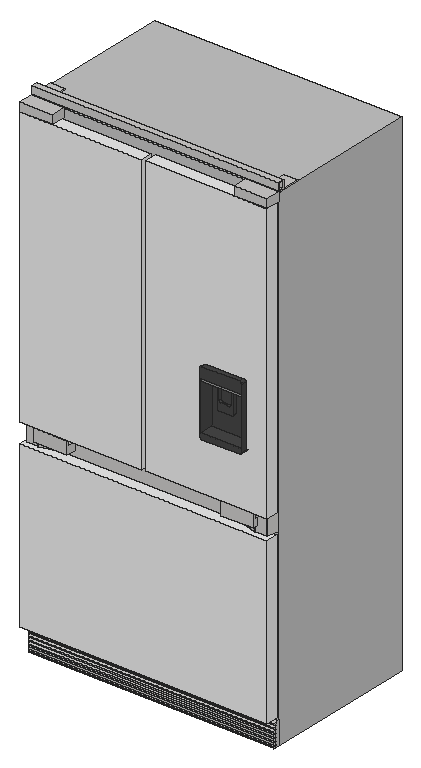
Revit family "FP_Revit_18_RS36A72U1_Fridge_90001166A", category Specialty Equipment, Revit 2018
Family settings
  Round Connector Dimension = Use Diameter
  Part Type = Normal
  OmniClass Number = 23.40.40.11.11.17
  OmniClass Title = Refrigerator-Freezer
  Work Plane-Based = No
  Always vertical = Yes
  Cut with Voids When Loaded = Yes
  Shared = No
  Room Calculation Point = No
Parameters
  Visibility - Water Dispenser = yes
  Visibility - Visibility Control Note = yes
  Visibility - Clearance Required = yes
  URL = "www.fisherpaykel.com"
  Stainless Steel Door Panels (RD3672A) = no
  Product - Width = 906 mm  # constant formula
  Product - Height = 1825 mm  # constant formula
  Product - Depth = 604 mm  # constant formula
  Model = "RS36A72U1"
  Material - Trim = Fisher & Paykel - Stainless Steel
  Material - Rollers and Feet = Fisher & Paykel - Black
  Material - Door Structure = Fisher & Paykel - White
  Material - Door Front = Fisher & Paykel - Stainless Steel
  Material - Connections = Fisher & Paykel - Black
  Material - Body = Fisher & Paykel - Grey
  Manufacturer = "Fisher & Paykel Appliances"
  Handle Style - Professional Square (AHV2RS36A) = no
  Handle Style - Professional Round (AHCRS36A) = no
  Handle Style - Contemporary Square Fine Black (AHD5RD36AB) = no
  Handle Style - Contemporary Square Fine (AHD5RD36A) = no
  Handle Style - Contemporary Square (AHD3RS36A) = no
  Handle Style - Contemporary Round (25374 AHS-ASBI-A) = no
  Description = "36\" Integrated French Door Refrigerator Freezer, Ice & Water"
  Connector Description - Electrical = "120 V, 10 A, fused electrical supply"
  Chassis - Width = 890 mm  # constant formula
  Chassis - Height = 1788 mm  # constant formula
  Chassis - Depth = 604 mm  # constant formula
  Cavity - Width = 914 mm  # constant formula
  Cavity - Height = 1829 mm  # constant formula
  Cavity - Depth = 650 mm  # constant formula
Reference planes
  plane 1 "Datum": y = 0
  plane 2: z = 0
  plane 3 "Center (Left/Right)": x = 0
  plane 4 "Product LHS": x = -453
  plane 5 "Product RHS": x = 453
  plane 6 "Product - Depth": y = 604
  plane 7 "Cavity LHS": x = -457
  plane 8 "Cavity RHS": x = 457
  plane 9 "Cavity - Depth": y = 631.957
  plane 10 "Product Height": z = 1825
  plane 11 "Cavity Height": z = 1829
  plane 12 "Door Panel 18mm": y = -18.043
Forms (mm)
  Extrusion 1, solid, material "Fisher & Paykel - Grey" <- "Material - Body"
    sketch origin (0, 0, 0) x (0, 1, 0) y (0, 0, 1)
      loop
        line (50.89, 6.6) -> (604, 6.6) -> (604, 1794.6) -> (50.89, 1794.6) -> (50.89, 6.6)
    from -445 to 445
  Extrusion 2, solid, material "Fisher & Paykel - Clearance Required", visible <- "Visibility - Clearance Required", detail levels coarse
    sketch origin (0, -18, 0) x (0, 1, 0) y (0, 0, 1)
      loop
        line (-0.043, 696.967) -> (-359.921, 696.967) -> (-359.921, 631.801) -> (-401.921, 631.801) -> (-401.921, 615.801) -> (-359.921, 615.801) -> (-359.921, 100.03) -> (-0.043, 100.03) -> (-0.043, 696.967)
    from -453 to 453
  Extrusion 3, solid, material "Fisher & Paykel - White" <- "Material - Door Structure"
    sketch origin (0, 0, 0) x (1, 0, 0) y (0, 0, 1)
      loop
        line (-7.74, 1764.6) -> (-445, 1764.6) -> (-445, 763.6) -> (-7.74, 763.6) -> (-7.74, 1764.6)
      loop
        line (7.74, 1764.6) -> (7.74, 763.6) -> (445, 763.6) -> (445, 1764.6) -> (7.74, 1764.6)
      loop
        line (-445, 693.1) -> (-445, 101.1) -> (445, 101.1) -> (445, 693.1) -> (-445, 693.1)
    from -42.6 to 0
  Extrusion 4, solid, material "Fisher & Paykel - White" <- "Material - Door Structure"
    sketch origin (0, 0, 0) x (1, 0, 0) y (0, 0, 1)
      loop
        line (-434.6, 685.2) -> (-434.6, 109) -> (434.6, 109) -> (434.6, 685.2) -> (-434.6, 685.2)
      loop
        line (-13.88, 776) -> (-13.88, 1749.7) -> (-434.58, 1749.7) -> (-434.58, 776) -> (-13.88, 776)
      loop
        line (13.88, 776) -> (434.58, 776) -> (434.58, 1749.7) -> (13.88, 1749.7) -> (13.88, 776)
    from -50.9 to -42.6
  Extrusion 5, solid, material "Fisher & Paykel - Stainless Steel" <- "Material - Trim"
    sketch origin (0, -2, 0) x (1, 0, 0) y (0, 1, 0)
      loop
        line (-441.5, 52.89) -> (-434.782, 18.328)
        arc (-434.782, 18.328) -> (-433.745, 16.585) -> (-431.837, 15.9) r 3
        line (-431.837, 15.9) -> (-393.733, 15.9)
        arc (-393.733, 15.9) -> (-391.738, 16.034) -> (-389.779, 16.431) r 15
        line (-389.779, 16.431) -> (-320.032, 35.491) -> (320.032, 35.491) -> (389.779, 16.431)
        arc (389.779, 16.431) -> (391.738, 16.034) -> (393.733, 15.9) r 15
        line (393.733, 15.9) -> (431.837, 15.9)
        arc (431.837, 15.9) -> (433.745, 16.585) -> (434.782, 18.328) r 3
        line (434.782, 18.328) -> (441.5, 52.89) -> (-441.5, 52.89)
    from 696.967 to 759.03
  Extrusion 6, solid, material "Fisher & Paykel - Stainless Steel" <- "Material - Trim"
    sketch origin (0, -2, 0) x (0, 1, 0) y (0, 0, 1)
      loop
        line (2, 762.6) -> (2, 715.3) -> (52.89, 715.3) -> (52.89, 743.6) -> (7, 743.6) -> (7, 762.6) -> (2, 762.6)
    from 276.67 to 395
  Extrusion 7, solid, material "Fisher & Paykel - Stainless Steel" <- "Material - Trim"
    sketch origin (0, -2, 0) x (0, 1, 0) y (0, 0, -1)
      loop
        line (2, -762.6) -> (7, -762.6) -> (7, -743.6) -> (52.89, -743.6) -> (52.89, -715.3) -> (2, -715.3) -> (2, -762.6)
    from 276.67 to 395
  Extrusion 8, solid, material "Fisher & Paykel - Stainless Steel" <- "Material - Trim"
    sketch origin (0, 0, 0) x (1, 0, 0) y (0, 1, 0)
      loop
        line (-327.17, 0) -> (-327.17, 50.89) -> (-445, 50.89) -> (-445, 0) -> (-327.17, 0)
      loop
        line (445, 0) -> (445, 50.89) -> (327.17, 50.89) -> (327.17, 0) -> (445, 0)
    from 1765.6 to 1797.6
  Extrusion 9, solid, material "Fisher & Paykel - Stainless Steel" <- "Material - Trim", detail levels fine
    sketch origin (0, 0, 0) x (1, 0, 0) y (0, 1, 0)
      loop
        line (-445, 136.61) -> (-445, 55.11) -> (-311.45, 55.11) -> (-311.45, 70.11) -> (-394, 70.11) -> (-394, 136.61) -> (-445, 136.61)
      loop
        line (445, 136.61) -> (394.85, 136.61) -> (394.85, 70.11) -> (311.45, 70.11) -> (311.45, 55.11) -> (445, 55.11) -> (445, 136.61)
    from 1794.6 to 1797.6
  Extrusion 10, solid, material "Fisher & Paykel - Stainless Steel" <- "Material - Trim"
    sketch origin (0, -2, 0) x (0, 1, 0) y (0, 0, 1)
      loop
        line (55.1, 1825) -> (55.1, 1797.6) -> (75.11, 1797.6) -> (75.11, 1825) -> (55.1, 1825)
      loop
        line (56.1, 1824) -> (56.1, 1798.675) -> (74.1, 1798.675) -> (74.1, 1824) -> (56.1, 1824)
    from -445 to 445
  Extrusion 11, solid, material "Fisher & Paykel - Stainless Steel" <- "Material - Trim", detail levels fine
    sketch origin (0, -20, 0) x (0, 1, 0) y (0, 0, 1)
      loop
        line (24.91, 101.1) -> (24.91, 94.1) -> (50.15, 94.1) -> (50.15, 101.1) -> (24.91, 101.1)
    from -20.67 to 20.7
  Extrusion 12, solid, material "Fisher & Paykel - Stainless Steel" <- "Material - Trim", detail levels fine
    sketch origin (0, -20, 0) x (0, 1, 0) y (0, 0, 1)
      loop
        line (70.89, 90.613) -> (53.491, 85.951) -> (53.491, 81.639) -> (61.43, 81.639) -> (61.43, 75.465) -> (53.491, 73.338) -> (53.491, 69.031) -> (61.43, 69.031) -> (61.43, 62.857) -> (53.491, 60.73) -> (53.491, 56.423) -> (61.43, 56.423) -> (61.43, 50.254) -> (53.491, 48.127) -> (53.491, 43.821) -> (61.43, 43.821) -> (61.43, 37.652) -> (53.491, 35.525) -> (53.491, 31.218) -> (61.43, 31.218) -> (61.43, 25.049) -> (53.491, 22.922) -> (53.491, 18.585) -> (61.43, 18.585) -> (61.43, 12.447) -> (53.491, 10.32) -> (53.491, 6.6) -> (70.89, 6.6) -> (70.89, 90.613)
    from -445 to 445
  Extrusion 13, solid, material "Fisher & Paykel - Stainless Steel" <- "Material - Trim", detail levels coarse+medium
    sketch origin (0, -20, 0) x (0, 1, 0) y (0, 0, 1)
      loop
        line (70.89, 90.613) -> (53.491, 85.951) -> (53.491, 6.6) -> (70.89, 6.6) -> (70.89, 90.613)
    from -445 to 445
  Extrusion 14, void
    sketch origin (0, -2000, 0) x (1, 0, 0) y (0, 1, 0)
      loop
        line (-386.5, 2604) -> (-386.5, 2050.89) -> (386.5, 2050.89) -> (386.5, 2604) -> (-386.5, 2604)
    from 6.6 to 56.423
  Extrusion 15, solid, material "Fisher & Paykel - Stainless Steel" <- "Material - Door Front", visible <- "Stainless Steel Door Panels (RD3672A)"
    sketch origin (0, 0, 0) x (1, 0, 0) y (0, 0, 1)
      loop
        line (-453, 696.43) -> (-453, 100.03) -> (453, 100.03) -> (453, 696.43) -> (-453, 696.43)
      loop
        line (-453, 700.43) -> (-2, 700.43) -> (-2, 1822.4) -> (-453, 1822.4) -> (-453, 700.43)
      loop
        line (2, 1822.4) -> (2, 700.43) -> (453, 700.43) -> (453, 1822.4) -> (2, 1822.4)
    from 0 to 18
  Extrusion 16, void
    sketch origin (0, -20, 0) x (1, 0, 0) y (0, 1, 0)
      loop
        arc (445, 57.948) -> (443.695, 54.796) -> (440.543, 53.491) r 4.457
        line (440.543, 53.491) -> (445, 53.491) -> (445, 57.948)
      loop
        line (-445, 57.948) -> (-445, 53.491) -> (-440.543, 53.491)
        arc (-440.543, 53.491) -> (-443.695, 54.796) -> (-445, 57.948) r 4.457
    from 6.6 to 100.03
  Extrusion 17, solid, material "Fisher & Paykel - Clearance Required", visible <- "Visibility - Clearance Required", detail levels coarse
    sketch origin (0, 0, 0) x (1, 0, 0) y (0, 1, 0)
      loop
        line (-457, 631.957) -> (-457, -18.043) -> (457, -18.043) -> (457, 631.957) -> (-457, 631.957)
    from 0 to 1829
  Extrusion 18, solid, material "Fisher & Paykel - Clearance Required", visible <- "Visibility - Clearance Required", detail levels coarse
    sketch origin (0, -18, 0) x (1, 0, 0) y (0, 1, 0)
      loop
        line (-453, -0.043) -> (-610.872, -338.602) -> (-647.125, -321.697) -> (-653.73, -335.861) -> (-617.477, -352.766) -> (-643.601, -408.788)
        arc (-643.601, -408.788) -> (-210.678, -380.413) -> (-2, -0.043) r 451
        line (-2, -0.043) -> (-453, -0.043)
      loop
        line (453, -0.043) -> (2, -0.043)
        arc (2, -0.043) -> (210.678, -380.413) -> (643.601, -408.788) r 451
        line (643.601, -408.788) -> (617.477, -352.766) -> (653.73, -335.861) -> (647.125, -321.697) -> (610.872, -338.602) -> (453, -0.043)
    from 700.43 to 1825
  Extrusion 19, void
    sketch origin (0, 0, 0) x (1, 0, 0) y (0, 0, 1)
      loop
        line (275, 69.031) -> (275, 200) -> (0, 200) -> (0, 69.031) -> (275, 69.031)
      loop
        circle (225, 135) r 3
      loop
        circle (50, 135) r 3
    from -604 to -600
  Extrusion 20, void
    sketch origin (0, 0, 0) x (1, 0, 0) y (0, 1, 0)
      loop
        line (-457, 631.957) -> (-457, -18.043) -> (457, -18.043) -> (457, 631.957) -> (-457, 631.957)
    from 0 to 1829
  Extrusion 21, void
    sketch origin (0, 0, 0) x (1, 0, 0) y (0, 0, 1)
      loop
        arc (225.35, 1186.03) -> (219.693, 1183.687) -> (217.35, 1178.03) r 8
        line (217.35, 1178.03) -> (217.35, 958.43)
        arc (217.35, 958.43) -> (219.693, 952.773) -> (225.35, 950.43) r 8
        line (225.35, 950.43) -> (359.85, 950.43)
        arc (359.85, 950.43) -> (365.507, 952.773) -> (367.85, 958.43) r 8
        line (367.85, 958.43) -> (367.85, 1178.03)
        arc (367.85, 1178.03) -> (365.507, 1183.687) -> (359.85, 1186.03) r 8
        line (359.85, 1186.03) -> (225.35, 1186.03)
    from -42.6 to 18.043
Cuts and joins
  Extrusion 14, Extrusion 19 cuts Extrusion 1
  Extrusion 16 cuts Extrusion 12
  Extrusion 16 cuts Extrusion 13
  joined: Extrusion 5, Extrusion 6, Extrusion 7
  Extrusion 21 cuts Extrusion 17
  Extrusion 21 cuts Extrusion 15
  Extrusion 21 cuts Extrusion 3
Lines and regions (mm)
  model lines, style "Fisher & Paykel"
    curve 1: line (-453, 0, 1822.4) -> (-2, 0, 1822.4)
    curve 2: line (-453, 0, 700.43) -> (-453, 0, 1822.4)
    curve 3: line (-2, 0, 700.43) -> (-453, 0, 700.43)
    curve 4: line (-2, 0, 1822.4) -> (-2, 0, 700.43)
    curve 5: line (2, 0, 700.43) -> (453, 0, 700.43)
    curve 6: line (2, 0, 1822.4) -> (2, 0, 700.43)
    curve 7: line (453, 0, 1822.4) -> (2, 0, 1822.4)
    curve 8: line (453, 0, 700.43) -> (453, 0, 1822.4)
    curve 9: line (-453, 0, 696.43) -> (453, 0, 696.43)
    curve 10: line (-453, 0, 100.03) -> (-453, 0, 696.43)
    curve 11: line (453, 0, 100.03) -> (-453, 0, 100.03)
    curve 12: line (453, 0, 696.43) -> (453, 0, 100.03)
Text (mm)
  text "Due to ongoing product development, product details are subject to change without notice. \nPlease always refer to www.fisherpaykel.com for the most current product information. \n© Fisher & Paykel 2020" at (41.04, -527.568, 0), in view "Ref. Level (Plan)"
Dimensions and locks
  equal spacing: plane 4 "Product LHS", plane 3 "Center (Left/Right)", plane 5 "Product RHS"
  "Product - Width": plane 4 "Product LHS" to plane 5 "Product RHS"
  equal spacing: plane 7 "Cavity LHS", plane 3 "Center (Left/Right)", plane 8 "Cavity RHS"
  "Cavity - Width": plane 7 "Cavity LHS" to plane 8 "Cavity RHS"
  "Product - Height": level to plane 10 "Product Height"
  "Cavity - Height": plane 11 "Cavity Height" to level
  "Chassis - Height": Extrusion 1 to Extrusion 1
  Extrusion 11 to Extrusion 13 = 94.5 mm
  equal spacing: cut or joined group of Extrusion 1, Extrusion 14, Extrusion 19, plane 3 "Center (Left/Right)", cut or joined group of Extrusion 1, Extrusion 14, Extrusion 19  (x2)
  "Chassis - Width": cut or joined group of Extrusion 1, Extrusion 14, Extrusion 19 to cut or joined group of Extrusion 1, Extrusion 14, Extrusion 19
  "Product - Depth": plane 6 "Product - Depth" to plane 1 "Datum"
  "Cavity - Depth": plane 9 "Cavity - Depth" to plane 12 "Door Panel 18mm"
  plane 12 "Door Panel 18mm" to plane 1 "Datum" = 18.043 mm
  locked: Extrusion 21 sketch curve to Extrusion 21 sketch curve at 235.6
  locked: Extrusion 21 sketch curve to Extrusion 21 sketch curve at 150.5
  aligned and locked: level to plane 2
  aligned and locked: cut or joined group of Extrusion 1, Extrusion 14, Extrusion 19 to Extrusion 12
  aligned and locked: cut or joined group of Extrusion 1, Extrusion 14, Extrusion 19 to Extrusion 13
  aligned and locked: Extrusion 13 to cut or joined group of Extrusion 1, Extrusion 14, Extrusion 19
  aligned and locked: Extrusion 12 to cut or joined group of Extrusion 1, Extrusion 14, Extrusion 19
  aligned and locked: Extrusion 10 to Extrusion 8
  aligned and locked: Extrusion 9 sketch curve to cut or joined group of Extrusion 1, Extrusion 14, Extrusion 19
  aligned and locked: Extrusion 3 sketch curve to cut or joined group of Extrusion 1, Extrusion 14, Extrusion 19  (x2)
  aligned and locked: Extrusion 3 sketch curve to Extrusion 3 sketch curve
  aligned and locked: cut or joined group of Extrusion 1, Extrusion 14, Extrusion 19 to Extrusion 3 sketch curve
  aligned and locked: Extrusion 16 sketch curve to cut or joined group of Extrusion 12, Extrusion 16
  aligned and locked: Extrusion 8 to Extrusion 16 sketch curve
  aligned and locked: Extrusion 16 sketch curve to Extrusion 8
  aligned and locked: Extrusion 1 to Extrusion 19
  aligned and locked: Extrusion 20 to plane 9 "Cavity - Depth"
  aligned and locked: Extrusion 17 to plane 9 "Cavity - Depth"
  aligned and locked: plane 6 "Product - Depth" to Extrusion 1
  aligned and locked: plane 6 "Product - Depth" to Extrusion 14
Automatic sketch dimensions
  Extrusion 1 sketch curve to plane 9 "Cavity - Depth" = 27.957 mm
  level to Extrusion 1 sketch curve = 6.6 mm
  plane 10 "Product Height" to Extrusion 1 sketch curve = 30.4 mm
  plane 1 "Datum" to Extrusion 2 sketch curve = 419.921 mm
  Extrusion 2 sketch curve to Extrusion 2 sketch curve = 42 mm
  level to Extrusion 2 sketch curve = 100.03 mm
  plane 1 "Datum" to Extrusion 2 sketch curve = 377.921 mm
  plane 1 "Datum" to Extrusion 2 sketch curve = 18.043 mm
  Extrusion 2 sketch curve to Extrusion 2 sketch curve = 515.771 mm
  Extrusion 2 sketch curve to Extrusion 2 sketch curve = 16 mm
  Extrusion 2 sketch curve to Extrusion 2 sketch curve = 65.166 mm
  Extrusion 3 sketch curve to plane 3 "Center (Left/Right)" = 7.74 mm
  plane 3 "Center (Left/Right)" to Extrusion 3 sketch curve = 7.74 mm
  level to Extrusion 3 sketch curve = 101.1 mm
  Extrusion 3 sketch curve to Extrusion 3 sketch curve = 592 mm
  Extrusion 3 sketch curve to Extrusion 3 sketch curve = 70.5 mm
  Extrusion 3 sketch curve to Extrusion 3 sketch curve = 0 mm
  plane 10 "Product Height" to Extrusion 3 sketch curve = 60.4 mm  (x2)
  Extrusion 4 sketch curve to plane 4 "Product LHS" = 18.4 mm
  Extrusion 4 sketch curve to plane 4 "Product LHS" = 18.42 mm
  Extrusion 4 sketch curve to plane 3 "Center (Left/Right)" = 13.88 mm
  plane 3 "Center (Left/Right)" to Extrusion 4 sketch curve = 13.88 mm
  plane 5 "Product RHS" to Extrusion 4 sketch curve = 18.42 mm
  plane 5 "Product RHS" to Extrusion 4 sketch curve = 18.4 mm
  level to Extrusion 4 sketch curve = 109 mm
  Extrusion 4 sketch curve to Extrusion 4 sketch curve = 576.2 mm
  Extrusion 4 sketch curve to Extrusion 4 sketch curve = 90.8 mm
  Extrusion 4 sketch curve to Extrusion 4 sketch curve = 0 mm  (x2)
  plane 10 "Product Height" to Extrusion 4 sketch curve = 75.3 mm
  Extrusion 5 sketch curve to plane 4 "Product LHS" = 11.5 mm
  Extrusion 5 sketch curve to plane 4 "Product LHS" = 18.218 mm
  Extrusion 5 sketch curve to Extrusion 5 sketch curve = 2.945 mm  (x2)
  Extrusion 5 sketch curve to Extrusion 5 sketch curve = 38.104 mm
  Extrusion 5 sketch curve to Extrusion 5 sketch curve = 3.954 mm  (x2)
  Extrusion 5 sketch curve to Extrusion 5 sketch curve = 69.747 mm
  plane 5 "Product RHS" to Extrusion 5 sketch curve = 132.968 mm
  plane 5 "Product RHS" to Extrusion 5 sketch curve = 63.221 mm
  plane 5 "Product RHS" to Extrusion 5 sketch curve = 21.163 mm
  plane 5 "Product RHS" to Extrusion 5 sketch curve = 11.5 mm
  Extrusion 5 sketch curve to plane 1 "Datum" = 13.9 mm  (x2)
  Extrusion 5 sketch curve to Extrusion 5 sketch curve = 2.428 mm  (x2)
  Extrusion 5 sketch curve to Extrusion 5 sketch curve = 34.562 mm
  Extrusion 6 sketch curve to Extrusion 6 sketch curve = 5 mm
  Extrusion 6 sketch curve to Extrusion 6 sketch curve = 50.89 mm
  level to Extrusion 6 sketch curve = 715.3 mm
  Extrusion 6 sketch curve to Extrusion 6 sketch curve = 28.3 mm
  Extrusion 6 sketch curve to Extrusion 6 sketch curve = 19 mm
  Extrusion 7 sketch curve to Extrusion 7 sketch curve = 5 mm
  Extrusion 7 sketch curve to Extrusion 7 sketch curve = 50.89 mm
  level to Extrusion 7 sketch curve = 762.6 mm
  Extrusion 7 sketch curve to Extrusion 7 sketch curve = 19 mm
  Extrusion 7 sketch curve to Extrusion 7 sketch curve = 28.3 mm
  Extrusion 8 sketch curve to plane 4 "Product LHS" = 8 mm
  Extrusion 8 sketch curve to Extrusion 8 sketch curve = 117.83 mm
  plane 5 "Product RHS" to Extrusion 8 sketch curve = 125.83 mm
  plane 5 "Product RHS" to Extrusion 8 sketch curve = 8 mm
  Extrusion 9 sketch curve to Extrusion 9 sketch curve = 51 mm
  Extrusion 9 sketch curve to Extrusion 9 sketch curve = 82.55 mm
  plane 5 "Product RHS" to Extrusion 9 sketch curve = 141.55 mm
  plane 5 "Product RHS" to Extrusion 9 sketch curve = 58.15 mm
  plane 5 "Product RHS" to Extrusion 9 sketch curve = 8 mm
  Extrusion 9 sketch curve to Extrusion 9 sketch curve = 15 mm  (x2)
  Extrusion 9 sketch curve to Extrusion 9 sketch curve = 66.5 mm  (x2)
  plane 10 "Product Height" to Extrusion 10 sketch curve = 0 mm
  Extrusion 10 sketch curve to Extrusion 10 sketch curve = 1 mm
  plane 10 "Product Height" to Extrusion 10 sketch curve = 1 mm
  Extrusion 10 sketch curve to Extrusion 10 sketch curve = 18 mm
  Extrusion 10 sketch curve to Extrusion 10 sketch curve = 1.01 mm
  Extrusion 10 sketch curve to Extrusion 10 sketch curve = 25.325 mm
  Extrusion 10 sketch curve to Extrusion 10 sketch curve = 1.075 mm
  Extrusion 11 sketch curve to Extrusion 11 sketch curve = 25.24 mm
  level to Extrusion 11 sketch curve = 94.1 mm
  Extrusion 11 sketch curve to Extrusion 11 sketch curve = 7 mm
  level to Extrusion 12 sketch curve = 6.6 mm
  Extrusion 12 sketch curve to Extrusion 12 sketch curve = 0 mm  (x8)
  Extrusion 12 sketch curve to Extrusion 12 sketch curve = 7.939 mm  (x3)
  Extrusion 12 sketch curve to Extrusion 12 sketch curve = 9.46 mm
  Extrusion 12 sketch curve to Extrusion 12 sketch curve = 3.72 mm
  Extrusion 12 sketch curve to Extrusion 12 sketch curve = 2.127 mm
  Extrusion 12 sketch curve to Extrusion 12 sketch curve = 8.266 mm
  Extrusion 12 sketch curve to Extrusion 12 sketch curve = 4.337 mm
  Extrusion 12 sketch curve to Extrusion 12 sketch curve = 6.464 mm
  Extrusion 12 sketch curve to Extrusion 12 sketch curve = 6.169 mm  (x3)
  Extrusion 12 sketch curve to Extrusion 12 sketch curve = 4.306 mm  (x4)
  Extrusion 12 sketch curve to Extrusion 12 sketch curve = 6.433 mm  (x4)
  Extrusion 12 sketch curve to Extrusion 12 sketch curve = 6.175 mm  (x2)
  Extrusion 12 sketch curve to Extrusion 12 sketch curve = 4.312 mm
  Extrusion 12 sketch curve to Extrusion 12 sketch curve = 8.974 mm
  level to Extrusion 13 sketch curve = 6.6 mm
  Extrusion 13 sketch curve to Extrusion 13 sketch curve = 17.399 mm
  Extrusion 13 sketch curve to Extrusion 13 sketch curve = 79.351 mm
  Extrusion 13 sketch curve to Extrusion 13 sketch curve = 4.662 mm
  Extrusion 14 sketch curve to plane 9 "Cavity - Depth" = 27.957 mm
  Extrusion 14 sketch curve to plane 4 "Product LHS" = 66.5 mm
  plane 5 "Product RHS" to Extrusion 14 sketch curve = 66.5 mm
  plane 4 "Product LHS" to Extrusion 15 sketch curve = 0 mm  (x2)
  plane 5 "Product RHS" to Extrusion 15 sketch curve = 0 mm  (x2)
  Extrusion 15 sketch curve to plane 3 "Center (Left/Right)" = 2 mm
  plane 3 "Center (Left/Right)" to Extrusion 15 sketch curve = 2 mm
  level to Extrusion 15 sketch curve = 100.03 mm
  Extrusion 15 sketch curve to Extrusion 15 sketch curve = 596.4 mm
  Extrusion 15 sketch curve to Extrusion 15 sketch curve = 4 mm
  Extrusion 15 sketch curve to Extrusion 15 sketch curve = 0 mm
  plane 10 "Product Height" to Extrusion 15 sketch curve = 2.6 mm  (x2)
  Extrusion 16 sketch curve to Extrusion 16 sketch curve = 4.457 mm  (x2)
  Extrusion 17 sketch curve to plane 7 "Cavity LHS" = 0 mm
  Extrusion 17 sketch curve to plane 8 "Cavity RHS" = 0 mm
  plane 6 "Product - Depth" to Extrusion 17 sketch curve = 27.957 mm
  Extrusion 18 sketch curve to plane 4 "Product LHS" = 0 mm  (x2)
  Extrusion 18 sketch curve to plane 5 "Product RHS" = 0 mm  (x2)
  plane 7 "Cavity LHS" to Extrusion 18 sketch curve = 153.872 mm
  Extrusion 18 sketch curve to Extrusion 18 sketch curve = 6.605 mm  (x3)
  Extrusion 18 sketch curve to Extrusion 18 sketch curve = 26.124 mm
  Extrusion 18 sketch curve to Extrusion 18 sketch curve = 36.252 mm  (x2)
  plane 1 "Datum" to Extrusion 18 sketch curve = 18.043 mm  (x2)
  Extrusion 18 sketch curve to plane 3 "Center (Left/Right)" = 2 mm
  plane 3 "Center (Left/Right)" to Extrusion 18 sketch curve = 2 mm
  Extrusion 18 sketch curve to plane 8 "Cavity RHS" = 153.872 mm
  plane 1 "Datum" to Extrusion 18 sketch curve = 426.788 mm
  plane 1 "Datum" to Extrusion 18 sketch curve = 353.861 mm
  Extrusion 19 sketch curve to plane 3 "Center (Left/Right)" = 0 mm
  plane 3 "Center (Left/Right)" to Extrusion 19 sketch curve = 50 mm
  Extrusion 19 sketch curve to Extrusion 19 sketch curve = 175 mm
  Extrusion 19 sketch curve to Extrusion 19 sketch curve = 50 mm
  level to Extrusion 19 sketch curve = 69.031 mm
  Extrusion 19 sketch curve to Extrusion 19 sketch curve = 65.969 mm  (x2)
  Extrusion 19 sketch curve to Extrusion 19 sketch curve = 65 mm
  Extrusion 20 sketch curve to plane 7 "Cavity LHS" = 0 mm
  Extrusion 20 sketch curve to plane 8 "Cavity RHS" = 0 mm
  plane 6 "Product - Depth" to Extrusion 20 sketch curve = 27.957 mm
  Extrusion 1 sketch curve to plane 1 "Datum" = 50.89 mm
  Extrusion 5 sketch curve to Extrusion 5 sketch curve = 0.531 mm  (x2)
  Extrusion 5 sketch curve to plane 1 "Datum" = 33.491 mm
  Extrusion 6 sketch curve to plane 1 "Datum" = 0 mm
  Extrusion 7 sketch curve to plane 1 "Datum" = 0 mm
  plane 1 "Datum" to Extrusion 8 sketch curve = 0 mm  (x2)
  Extrusion 8 sketch curve to plane 1 "Datum" = 50.89 mm  (x2)
  Extrusion 9 sketch curve to plane 1 "Datum" = 55.11 mm  (x2)
  Extrusion 10 sketch curve to plane 1 "Datum" = 53.1 mm
  Extrusion 11 sketch curve to plane 1 "Datum" = 4.91 mm
  Extrusion 12 sketch curve to plane 1 "Datum" = 33.491 mm
  Extrusion 12 sketch curve to Extrusion 12 sketch curve = 17.399 mm
  Extrusion 13 sketch curve to plane 1 "Datum" = 33.491 mm
  Extrusion 14 sketch curve to plane 1 "Datum" = 50.89 mm
  Extrusion 16 sketch curve to plane 1 "Datum" = 33.491 mm
  plane 1 "Datum" to Extrusion 17 sketch curve = 18.043 mm
  plane 1 "Datum" to Extrusion 20 sketch curve = 18.043 mm
  Extrusion 21 sketch curve to Extrusion 21 sketch curve = 8 mm  (x2)
  plane 5 "Product RHS" to Extrusion 21 sketch curve = 93.15 mm  (x2)
  plane 8 "Cavity RHS" to Extrusion 21 sketch curve = 89.15 mm
  plane 10 "Product Height" to Extrusion 21 sketch curve = 874.57 mm
  plane 4 "Product LHS" to curve 1 = 0 mm
  plane 4 "Product LHS" to curve 10 = 0 mm
  plane 5 "Product RHS" to curve 9 = 0 mm
  plane 5 "Product RHS" to curve 7 = 0 mm
  curve 1 to plane 3 "Center (Left/Right)" = 2 mm
  plane 3 "Center (Left/Right)" to curve 7 = 2 mm
  level to curve 11 = 100.03 mm
  curve 10 to curve 10 = 596.4 mm
  curve 9 to curve 5 = 4 mm
  curve 9 to curve 2 = 4 mm
  plane 10 "Product Height" to curve 7 = 2.6 mm
  plane 10 "Product Height" to curve 2 = 2.6 mm
  radius of Extrusion 19 sketch curve = 3 mm  (x2)
Nested families
  nested 1: "F&P Handle Kit - Contemporary Square - Horizontal" at (0, -18, 623.802), visible <- "Handle Style - Contemporary Square (AHD3RS36A)", type "RS36A - Contemporary square handle (2 of 2) (Horizontal) 746mm"
  nested 2: "F&P Handle Kit - Contemporary Square - Vertical" at (67.3, -18, 1128.5), visible <- "Handle Style - Contemporary Square (AHD3RS36A)", type "RS36A - Contemporary square handle (1 of 2) (Vertical) 727mm"
  nested 3: "F&P Handle Kit - Contemporary Square - Vertical" at (-67.3, -18, 1128.5), visible <- "Handle Style - Contemporary Square (AHD3RS36A)", type "RS36A - Contemporary square handle (1 of 2) (Vertical) 727mm"
  nested 4: "Comment Marker 2D" at (0, -18.043, 0), visible <- "Visibility - Visibility Control Note", type "Active"
  nested 5: "F&P Handle Kit - Contemporary Round - Horizontal" at (0, -18.043, 623.78), visible <- "Handle Style - Contemporary Round (25374 AHS-ASBI-A)", type "25374 AHS-ASBI-A - Contemporary round handle (2 of 2) (Horizontal) 746mm"
  nested 6: "F&P Handle Kit - Contemporary Round - Vertical" at (-67.3, -18.043, 1128.5), visible <- "Handle Style - Contemporary Round (25374 AHS-ASBI-A)", type "25374 AHS-ASBI-A - Contemporary round handle (1 of 2) (Vertical) 727mm"
  nested 7: "F&P Handle Kit - Contemporary Square Fine - Horizontal" at (0, -18.043, 623.78), visible <- "Handle Style - Contemporary Square Fine (AHD5RD36A)", type "AHD5RD36A - Contemporary square fine handle (2 of 2) (Horizontal) 746mm"
  nested 8: "F&P Handle Kit - Contemporary Square Fine - Horizontal" at (0, -18.043, 623.78), visible <- "Handle Style - Contemporary Square Fine Black (AHD5RD36AB)", type "AHD5RD36AB - Contemporary square fine black handle (2 of 2) (Horizontal) 746mm"
  nested 9: "F&P Handle Kit - Contemporary Square Fine - Vertical" at (-67.3, -18.043, 1128.5), visible <- "Handle Style - Contemporary Square Fine (AHD5RD36A)", type "AHD5RD36A - Contemporary square fine handle (1 of 2) (Vertical) 727mm"
  nested 10: "F&P Handle Kit - Contemporary Square Fine - Vertical" at (-67.3, -18.043, 1128.5), visible <- "Handle Style - Contemporary Square Fine Black (AHD5RD36AB)", type "AHD5RD36AB - Contemporary square fine black handle (1 of 2) (Vertical) 727mm"
  nested 11: "F&P Handle Kit - Professional Round - Horizontal" at (0, -18.043, 623.78), visible <- "Handle Style - Professional Round (AHCRS36A)", type "AHCRS36A - Professional round handle (2 of 2) (Horizontal) 746mm"
  nested 12: "F&P Handle Kit - Professional Round - Vertical" at (-67.3, -18.043, 1128.5), visible <- "Handle Style - Professional Round (AHCRS36A)", type "AHCRS36A - Professional round handle (1 of 2) (Vertical) 661mm"
  nested 13: "F&P Handle Kit - Professional Square - Horizontal" at (0, -18.043, 623.78), visible <- "Handle Style - Professional Square (AHV2RS36A)", type "AHV2RS36A - Professional square handle (2 of 2) (Horizontal) 686mm"
  nested 14: "F&P Handle Kit - Professional Square - Vertical" at (-67.3, -18.043, 1128.5), visible <- "Handle Style - Professional Square (AHV2RS36A)", type "AHV2RS36A - Professional square handle (1 of 2) (Vertical) 727mm"
  nested 15: "F&P Handle Kit - Contemporary Round - Vertical" at (67.3, -18.043, 1128.5), visible <- "Handle Style - Contemporary Round (25374 AHS-ASBI-A)", type "25374 AHS-ASBI-A - Contemporary round handle (1 of 2) (Vertical) 727mm"
  nested 16: "F&P Handle Kit - Contemporary Square Fine - Vertical" at (67.3, -18.043, 1128.5), visible <- "Handle Style - Contemporary Square Fine (AHD5RD36A)", type "AHD5RD36A - Contemporary square fine handle (1 of 2) (Vertical) 727mm"
  nested 17: "F&P Handle Kit - Contemporary Square Fine - Vertical" at (67.3, -18.043, 1128.5), visible <- "Handle Style - Contemporary Square Fine Black (AHD5RD36AB)", type "AHD5RD36AB - Contemporary square fine black handle (1 of 2) (Vertical) 727mm"
  nested 18: "F&P Handle Kit - Professional Round - Vertical" at (67.3, -18.043, 1128.5), visible <- "Handle Style - Professional Round (AHCRS36A)", type "AHCRS36A - Professional round handle (1 of 2) (Vertical) 661mm"
  nested 19: "F&P Handle Kit - Professional Square - Vertical" at (67.3, -18.043, 1128.5), visible <- "Handle Style - Professional Square (AHV2RS36A)", type "AHV2RS36A - Professional square handle (1 of 2) (Vertical) 727mm"
  nested 20: "F&P Water Dispenser" at (292.6, -18, 950.43), visible <- "Visibility - Water Dispenser", type "F&P Water Dispenser"
Connectors
  electrical at (50, 600, 135), driven by "Connector Description - Electrical"
    settings: on cut or joined group of Extrusion 1, Extrusion 14, Extrusion 19, index 1, voltage 120 V, apparent load 0 VA, apparent load phase1 0 VA, apparent load phase2 0 VA, apparent load phase3 0 VA, power factor 1, load classification "Other", number of poles 1, system type 30, power factor state 1, is connector primary yes, connector utility no, sub classification motor no, connector description "120 V, 10 A, fused electrical supply"
Definition of nested family "F&P Handle Kit - Contemporary Square - Horizontal"
  Parameters (values of type "RS90A - Contemporary square handle (2 of 2) (Horizontal) 746mm")
    URL = "www.fisherpaykel.com"
    Material - Handle = none
    Manufacturer = "Fisher & Paykel Appliances"
    Handle - Length = 746 mm
  Types (9, lengths in mm): name | Handle - Length
    (no name) | 746
    AHD3RD2484W - Contemporary square handle (2 of 2) (Horizontal) 494mm | 494
    AHD3RD3084W - Contemporary square handle (2 of 2) (Horizontal) 646mm | 646
    AHD3RS3272A - Contemporary square handle (2 of 2) (Horizontal) 646mm | 646
    AHD3RS80A - Contemporary square handle (2 of 2) (Horizontal) 646mm | 646
    AHD3RD6121W - Contemporary square handle (2 of 2) (Horizontal) 494mm | 494
    AHD3RD7621W - Contemporary square handle (2 of 2) (Horizontal) 646mm | 646
    RS36A - Contemporary square handle (2 of 2) (Horizontal) 746mm | 746
    RS90A - Contemporary square handle (2 of 2) (Horizontal) 746mm | 746
  Reference planes
    plane 1 "Center (Front/Back)": y = 0
    plane 2: z = 0
    plane 3 "Center (Left/Right)": x = 0
    plane 4 "Product LHS": x = -373
    plane 5 "Product RHS": x = 373
    plane 6 "LHS Standoff": x = -252.995
    plane 7 "RHS Standoff": x = 253.005
  Forms (mm)
    Extrusion 1, solid, material <- "Material - Handle", detail levels fine
      sketch origin (0, 0, 0) x (0, 1, 0) y (0, 0, 1)
        loop
          arc (-28.701, 7.561) -> (-29.057, 7.868) -> (-29.514, 7.978) r 1
          line (-29.514, 7.978) -> (-40.5, 7.978)
          arc (-40.5, 7.978) -> (-41.561, 7.539) -> (-42, 6.478) r 1.5
          line (-42, 6.478) -> (-42, -6.522)
          arc (-42, -6.522) -> (-41.561, -7.583) -> (-40.5, -8.022) r 1.5
          line (-40.5, -8.022) -> (-29.487, -8.022)
          arc (-29.487, -8.022) -> (-29.029, -7.911) -> (-28.673, -7.602) r 1
          arc (-28.673, -7.602) -> (-26.256, -0.016) -> (-28.701, 7.561) r 13.038
      from -373 to 373
    Extrusion 2, solid, material <- "Material - Handle", detail levels fine
      sketch origin (0, 0, 0) x (0, 1, 0) y (0, 0, 1)
        loop
          arc (-28.23, 7.062) -> (-26.156, 0.008) -> (-28.198, -7.056) r 13.136
          arc (-28.198, -7.056) -> (-28.21, -7.463) -> (-27.86, -7.67) r 0.4
          line (-27.86, -7.67) -> (0, -7.67) -> (0, 7.678) -> (-27.893, 7.678)
          arc (-27.893, 7.678) -> (-28.244, 7.47) -> (-28.23, 7.062) r 0.4
      from 253.005 to 373
    Extrusion 3, solid, material <- "Material - Handle", detail levels fine
      sketch origin (0, 0, 0) x (0, 1, 0) y (0, 0, -1)
        loop
          arc (-28.23, -7.062) -> (-28.244, -7.47) -> (-27.893, -7.678) r 0.4
          line (-27.893, -7.678) -> (0, -7.678) -> (0, 7.67) -> (-27.86, 7.67)
          arc (-27.86, 7.67) -> (-28.21, 7.463) -> (-28.198, 7.056) r 0.4
          arc (-28.198, 7.056) -> (-26.156, -0.008) -> (-28.23, -7.062) r 13.136
      from 252.995 to 373
    Sweep 4, void
      path in 3D
        loop
          line (373, -29.514, 7.978) -> (373, -40.5, 7.978)
          arc (373, -40.5, 7.978) -> (373, -41.561, 7.539) -> (373, -42, 6.478) r 1.5
          line (373, -42, 6.478) -> (373, -42, -6.522)
          arc (373, -42, -6.522) -> (373, -41.561, -7.583) -> (373, -40.5, -8.022) r 1.5
          line (373, -40.5, -8.022) -> (373, -29.487, -8.022)
      profile origin (373, -35.007, 7.978) x (1, 0, 0) y (0, 0, 1)
        loop
          line (0, 0) -> (-1.3, 0) -> (0, -1.3) -> (0, 0)
    Sweep 5, void
      path in 3D
        loop
          line (-373, -29.487, -8.022) -> (-373, -40.5, -8.022)
          arc (-373, -40.5, -8.022) -> (-373, -41.561, -7.583) -> (-373, -42, -6.522) r 1.5
          line (-373, -42, -6.522) -> (-373, -42, 6.478)
          arc (-373, -42, 6.478) -> (-373, -41.561, 7.539) -> (-373, -40.5, 7.978) r 1.5
          line (-373, -40.5, 7.978) -> (-373, -29.514, 7.978)
      profile origin (-373, -35.007, 7.978) x (-1, 0, 0) y (0, 0, 1)
        loop
          line (0, 0) -> (-1.3, 0) -> (0, -1.3) -> (0, 0)
    Extrusion 6, void
      sketch origin (0, 0, 0) x (1, 0, 0) y (0, 0, 1)
        loop
          line (373, 7.978) -> (371.7, 7.978) -> (373, 6.678) -> (373, 7.978)
        loop
          line (373, -8.022) -> (373, -6.722) -> (371.7, -8.022) -> (373, -8.022)
      from 0 to 40
    Extrusion 7, void
      sketch origin (0, 0, 0) x (1, 0, 0) y (0, 0, 1)
        loop
          line (-373, 7.978) -> (-373, 6.678) -> (-371.7, 7.978) -> (-373, 7.978)
        loop
          line (-373, -8.022) -> (-371.7, -8.022) -> (-373, -6.722) -> (-373, -8.022)
      from 0 to 40
    Extrusion 8, solid, material <- "Material - Handle", detail levels coarse+medium
      sketch origin (0, 0, 0) x (1, 0, 0) y (0, 1, 0)
        loop
          line (-373, -42) -> (373, -42) -> (373, 0) -> (253.005, 0) -> (253.005, -26.156) -> (-252.995, -26.156) -> (-252.995, 0) -> (-373, 0) -> (-373, -42)
      from -8.022 to 7.978
  Cuts and joins
    Sweep 4, Sweep 5, Extrusion 6, Extrusion 7 cuts Extrusion 1
    Extrusion 6 cuts Extrusion 2
    Extrusion 7 cuts Extrusion 3
  Lines and regions (mm)
    sketch lines
      curve 1: line (373, -29.514, 7.978) -> (373, -40.5, 7.978)
      curve 2: arc (373, -42, 6.478) -> (373, -41.561, 7.539) -> (373, -40.5, 7.978) r 1.5
      curve 3: line (373, -42, 6.478) -> (373, -42, -6.522)
      curve 4: arc (373, -40.5, -8.022) -> (373, -41.561, -7.583) -> (373, -42, -6.522) r 1.5
      curve 5: line (373, -40.5, -8.022) -> (373, -29.487, -8.022)
      curve 6: line (-373, -40.5, 7.978) -> (-373, -29.514, 7.978)
      curve 7: arc (-373, -40.5, 7.978) -> (-373, -41.561, 7.539) -> (-373, -42, 6.478) r 1.5
      curve 8: line (-373, -42, -6.522) -> (-373, -42, 6.478)
      curve 9: arc (-373, -42, -6.522) -> (-373, -41.561, -7.583) -> (-373, -40.5, -8.022) r 1.5
      curve 10: line (-373, -29.487, -8.022) -> (-373, -40.5, -8.022)
  Dimensions and locks
    equal spacing: plane 4 "Product LHS", plane 3 "Center (Left/Right)", plane 5 "Product RHS"
    "Handle - Length": plane 4 "Product LHS" to plane 5 "Product RHS"
    locked: plane 4 "Product LHS" to plane 6 "LHS Standoff" at 120.005
    locked: plane 7 "RHS Standoff" to plane 5 "Product RHS" at 119.995
    aligned and locked: level to plane 2
    aligned and locked: Extrusion 1 to plane 5 "Product RHS"
    aligned and locked: plane 4 "Product LHS" to Extrusion 1
    aligned and locked: Extrusion 2 to plane 5 "Product RHS"
    aligned and locked: plane 4 "Product LHS" to Extrusion 3
    aligned and locked: plane 4 "Product LHS" to Extrusion 8 sketch curve
    aligned and locked: Extrusion 8 sketch curve to plane 5 "Product RHS"
    aligned and locked: Extrusion 8 sketch curve to plane 7 "RHS Standoff"
    aligned and locked: plane 6 "LHS Standoff" to Extrusion 8 sketch curve
    aligned and locked: Extrusion 2 to plane 7 "RHS Standoff"
    aligned and locked: plane 6 "LHS Standoff" to Extrusion 3
  Automatic sketch dimensions
    Extrusion 1 sketch curve to level = 6.522 mm
    plane 1 "Center (Front/Back)" to Extrusion 1 sketch curve = 42 mm
    Extrusion 1 sketch curve to Extrusion 1 sketch curve = 1.5 mm  (x2)
    Extrusion 1 sketch curve to level = 0.04 mm
    Extrusion 1 sketch curve to Extrusion 1 sketch curve = 1.206 mm
    level to Extrusion 1 sketch curve = 6.978 mm
    Extrusion 1 sketch curve to Extrusion 1 sketch curve = 10.986 mm
    Extrusion 1 sketch curve to Extrusion 1 sketch curve = 11.013 mm
    Extrusion 1 sketch curve to Extrusion 1 sketch curve = 1 mm
    level to Extrusion 1 sketch curve = 6.478 mm
    Extrusion 1 sketch curve to Extrusion 1 sketch curve = 0 mm
    Extrusion 2 sketch curve to plane 1 "Center (Front/Back)" = 0 mm
    Extrusion 2 sketch curve to level = 7.67 mm
    Extrusion 2 sketch curve to Extrusion 2 sketch curve = 27.86 mm
    level to Extrusion 2 sketch curve = 7.678 mm
    Extrusion 2 sketch curve to Extrusion 2 sketch curve = 0.033 mm
    Extrusion 2 sketch curve to level = 0.022 mm
    Extrusion 2 sketch curve to Extrusion 2 sketch curve = 11.398 mm
    Extrusion 2 sketch curve to Extrusion 2 sketch curve = 0.4 mm  (x2)
    Extrusion 2 sketch curve to Extrusion 2 sketch curve = 0 mm
    Extrusion 3 sketch curve to plane 1 "Center (Front/Back)" = 0 mm
    Extrusion 3 sketch curve to level = 7.67 mm
    Extrusion 3 sketch curve to Extrusion 3 sketch curve = 27.86 mm
    level to Extrusion 3 sketch curve = 7.678 mm
    Extrusion 3 sketch curve to Extrusion 3 sketch curve = 0.033 mm
    Extrusion 3 sketch curve to level = 0.022 mm
    Extrusion 3 sketch curve to Extrusion 3 sketch curve = 11.398 mm
    Extrusion 3 sketch curve to Extrusion 3 sketch curve = 0.4 mm  (x2)
    Extrusion 3 sketch curve to Extrusion 3 sketch curve = 0 mm
    profile plane to Sweep 4 sketch curve = 0 mm
    Sweep 4 sketch curve to profile plane = 0 mm
    Sweep 4 sketch curve to profile plane = 1.3 mm
    profile plane to Sweep 4 sketch curve = 1.3 mm
    Sweep 5 sketch curve to profile plane = 0 mm  (x2)
    profile plane to Sweep 5 sketch curve = 1.3 mm
    Sweep 5 sketch curve to profile plane = 1.3 mm
    plane 5 "Product RHS" to Extrusion 6 sketch curve = 0 mm  (x2)
    Extrusion 6 sketch curve to Extrusion 6 sketch curve = 1.3 mm  (x4)
    Extrusion 6 sketch curve to level = 6.722 mm
    level to Extrusion 6 sketch curve = 6.678 mm
    plane 4 "Product LHS" to Extrusion 7 sketch curve = 0 mm  (x2)
    Extrusion 7 sketch curve to plane 4 "Product LHS" = 1.3 mm  (x2)
    Extrusion 7 sketch curve to level = 8.022 mm
    level to Extrusion 7 sketch curve = 6.678 mm
    Extrusion 7 sketch curve to Extrusion 7 sketch curve = 1.3 mm  (x2)
    plane 1 "Center (Front/Back)" to Extrusion 8 sketch curve = 0 mm  (x2)
    Extrusion 8 sketch curve to Extrusion 8 sketch curve = 26.156 mm
    Extrusion 8 sketch curve to Extrusion 8 sketch curve = 42 mm
Definition of nested family "F&P Handle Kit - Contemporary Square - Vertical"
  Parameters (values of type "RS90A - Contemporary square handle (1 of 2) (Vertical) 727mm")
    URL = "www.fisherpaykel.com"
    Material - Handle = none
    Manufacturer = "Fisher & Paykel Appliances"
    Handle - Length = 727 mm
  Types (11, lengths in mm): name | Handle - Length
    (no name) | 727
    AHD3-RD21 - Contemporary square handle (Vertical) 852mm | 852
    AHD3RD2484W - Contemporary square handle (1 of 2) (Vertical) 727mm | 727
    AHD3RD3084W - Contemporary square handle (1 of 2) (Vertical) 727mm | 727
    AHD3-RD84 - Contemporary square handle (Vertical) 852mm | 852
    AHD3RS3272A - Contemporary square handle (1 of 2) (Vertical) 727mm | 727
    AHD3RS80A - Contemporary square handle (1 of 2) (Vertical) 727mm | 727
    AHD3RD6121W - Contemporary square handle (1 of 2) (Vertical) 727mm | 727
    AHD3RD7621W - Contemporary square handle (1 of 2) (Vertical) 727mm | 727
    RS36A - Contemporary square handle (1 of 2) (Vertical) 727mm | 727
    RS90A - Contemporary square handle (1 of 2) (Vertical) 727mm | 727
  Reference planes
    plane 1 "Center (Front/Back)": y = 0
    plane 2: z = 0
    plane 3 "Center (Left/Right)": x = 0
    plane 4 "Top": z = 363.5
    plane 5 "Bottom": z = -363.5
    plane 6 "Top Standoff": z = 243.5
    plane 7 "Bottom Standoff": z = -243.5
  Forms (mm)
    Extrusion 1, solid, material <- "Material - Handle", detail levels fine
      sketch origin (0, 0, 0) x (1, 0, 0) y (0, 1, 0)
        loop
          arc (-7.583, -28.701) -> (-7.89, -29.057) -> (-8, -29.514) r 1
          line (-8, -29.514) -> (-8, -40.5)
          arc (-8, -40.5) -> (-7.561, -41.561) -> (-6.5, -42) r 1.5
          line (-6.5, -42) -> (6.5, -42)
          arc (6.5, -42) -> (7.561, -41.561) -> (8, -40.5) r 1.5
          line (8, -40.5) -> (8, -29.487)
          arc (8, -29.487) -> (7.889, -29.029) -> (7.58, -28.673) r 1
          arc (7.58, -28.673) -> (-0.006, -26.256) -> (-7.583, -28.701) r 13.038
      from -363.5 to 363.5
    Extrusion 2, solid, material <- "Material - Handle", detail levels fine
      sketch origin (0, 0, 0) x (1, 0, 0) y (0, 1, 0)
        loop
          arc (7.058, -28.23) -> (7.466, -28.244) -> (7.674, -27.893) r 0.4
          line (7.674, -27.893) -> (7.674, 0) -> (-7.674, 0) -> (-7.674, -27.86)
          arc (-7.674, -27.86) -> (-7.467, -28.21) -> (-7.06, -28.198) r 0.4
          arc (-7.06, -28.198) -> (0.004, -26.156) -> (7.058, -28.23) r 13.136
      from 243.5 to 363.5
    Extrusion 3, solid, material <- "Material - Handle", detail levels fine
      sketch origin (0, 0, 0) x (1, 0, 0) y (0, 1, 0)
        loop
          arc (7.058, -28.23) -> (7.466, -28.244) -> (7.674, -27.893) r 0.4
          line (7.674, -27.893) -> (7.674, 0) -> (-7.674, 0) -> (-7.674, -27.86)
          arc (-7.674, -27.86) -> (-7.467, -28.21) -> (-7.06, -28.198) r 0.4
          arc (-7.06, -28.198) -> (0.004, -26.156) -> (7.058, -28.23) r 13.136
      from -363.5 to -243.5
    Sweep 4, void
      path in 3D
        loop
          line (-8, -29.514, 363.5) -> (-8, -40.5, 363.5)
          arc (-8, -40.5, 363.5) -> (-7.561, -41.561, 363.5) -> (-6.5, -42, 363.5) r 1.5
          line (-6.5, -42, 363.5) -> (6.5, -42, 363.5)
          arc (6.5, -42, 363.5) -> (7.561, -41.561, 363.5) -> (8, -40.5, 363.5) r 1.5
          line (8, -40.5, 363.5) -> (8, -29.487, 363.5)
      profile origin (8, -34.994, 363.5) x (-1, 0, 0) y (0, 0, 1)
        loop
          line (0, 0) -> (0, -1.3) -> (1.3, 0) -> (0, 0)
    Sweep 5, void
      path in 3D
        loop
          line (8, -29.487, -363.5) -> (8, -40.5, -363.5)
          arc (8, -40.5, -363.5) -> (7.561, -41.561, -363.5) -> (6.5, -42, -363.5) r 1.5
          line (6.5, -42, -363.5) -> (-6.5, -42, -363.5)
          arc (-6.5, -42, -363.5) -> (-7.561, -41.561, -363.5) -> (-8, -40.5, -363.5) r 1.5
          line (-8, -40.5, -363.5) -> (-8, -29.514, -363.5)
      profile origin (8, -34.994, -363.5) x (-1, 0, 0) y (0, 0, -1)
        loop
          line (0, 0) -> (0, -1.3) -> (1.3, 0) -> (0, 0)
    Extrusion 6, void
      sketch origin (0, 0, 0) x (1, 0, 0) y (0, 0, 1)
        loop
          line (-8, -362.2) -> (-8, -363.5) -> (-6.7, -363.5) -> (-8, -362.2)
        loop
          line (8, -362.2) -> (6.7, -363.5) -> (8, -363.5) -> (8, -362.2)
      from 0 to 40
    Extrusion 7, void
      sketch origin (0, 0, 0) x (1, 0, 0) y (0, 0, 1)
        loop
          line (-8, 363.5) -> (-8, 362.2) -> (-6.7, 363.5) -> (-8, 363.5)
        loop
          line (8, 363.5) -> (6.7, 363.5) -> (8, 362.2) -> (8, 363.5)
      from 0 to 40
    Extrusion 8, solid, material <- "Material - Handle", detail levels coarse+medium
      sketch origin (0, 0, 0) x (0, 1, 0) y (0, 0, 1)
        loop
          line (0, 363.5) -> (-42, 363.5) -> (-42, -363.5) -> (0, -363.5) -> (0, -243.5) -> (-26.245, -243.5) -> (-26.245, 243.5) -> (0, 243.5) -> (0, 363.5)
      from -8 to 8
  Cuts and joins
    Sweep 4, Sweep 5, Extrusion 6, Extrusion 7 cuts Extrusion 1
    Extrusion 6 cuts Extrusion 3
    Extrusion 7 cuts Extrusion 2
  Lines and regions (mm)
    sketch lines
      curve 1: line (8, -40.5, 363.5) -> (8, -29.487, 363.5)
      curve 2: arc (8, -40.5, 363.5) -> (7.561, -41.561, 363.5) -> (6.5, -42, 363.5) r 1.5
      curve 3: line (-6.5, -42, 363.5) -> (6.5, -42, 363.5)
      curve 4: arc (-6.5, -42, 363.5) -> (-7.561, -41.561, 363.5) -> (-8, -40.5, 363.5) r 1.5
      curve 5: line (-8, -29.514, 363.5) -> (-8, -40.5, 363.5)
      curve 6: line (8, -29.487, -363.5) -> (8, -40.5, -363.5)
      curve 7: arc (6.5, -42, -363.5) -> (7.561, -41.561, -363.5) -> (8, -40.5, -363.5) r 1.5
      curve 8: line (6.5, -42, -363.5) -> (-6.5, -42, -363.5)
      curve 9: arc (-8, -40.5, -363.5) -> (-7.561, -41.561, -363.5) -> (-6.5, -42, -363.5) r 1.5
      curve 10: line (-8, -40.5, -363.5) -> (-8, -29.514, -363.5)
  Dimensions and locks
    equal spacing: plane 4 "Top", level, plane 5 "Bottom"
    "Handle - Length": plane 4 "Top" to plane 5 "Bottom"
    locked: plane 4 "Top" to plane 6 "Top Standoff" at 120
    locked: plane 7 "Bottom Standoff" to plane 5 "Bottom" at 120
    aligned and locked: level to plane 2
    aligned and locked: plane 4 "Top" to Extrusion 2
    aligned and locked: Extrusion 2 to plane 6 "Top Standoff"
    aligned and locked: plane 4 "Top" to Extrusion 1
    aligned and locked: Extrusion 1 to plane 5 "Bottom"
    aligned and locked: Extrusion 3 to plane 5 "Bottom"
    aligned and locked: plane 7 "Bottom Standoff" to Extrusion 3
    aligned and locked: plane 4 "Top" to Extrusion 8 sketch curve
    aligned and locked: plane 6 "Top Standoff" to Extrusion 8 sketch curve
    aligned and locked: plane 7 "Bottom Standoff" to Extrusion 8 sketch curve
    aligned and locked: plane 5 "Bottom" to Extrusion 8 sketch curve
    aligned and locked: plane 1 "Center (Front/Back)" to Extrusion 8 sketch curve  (x2)
  Automatic sketch dimensions
    Extrusion 1 sketch curve to plane 3 "Center (Left/Right)" = 8 mm
    Extrusion 1 sketch curve to Extrusion 1 sketch curve = 1 mm  (x2)
    Extrusion 1 sketch curve to Extrusion 1 sketch curve = 1.5 mm
    plane 3 "Center (Left/Right)" to Extrusion 1 sketch curve = 0.018 mm
    plane 3 "Center (Left/Right)" to Extrusion 1 sketch curve = 6.5 mm
    plane 3 "Center (Left/Right)" to Extrusion 1 sketch curve = 7 mm
    plane 1 "Center (Front/Back)" to Extrusion 1 sketch curve = 42 mm
    Extrusion 1 sketch curve to Extrusion 1 sketch curve = 1.206 mm
    Extrusion 1 sketch curve to Extrusion 1 sketch curve = 10.986 mm
    Extrusion 1 sketch curve to Extrusion 1 sketch curve = 11.013 mm
    Extrusion 1 sketch curve to Extrusion 1 sketch curve = 0 mm
    plane 1 "Center (Front/Back)" to Extrusion 2 sketch curve = 0 mm
    Extrusion 2 sketch curve to plane 3 "Center (Left/Right)" = 7.674 mm
    Extrusion 2 sketch curve to Extrusion 2 sketch curve = 0.4 mm  (x2)
    Extrusion 2 sketch curve to plane 3 "Center (Left/Right)" = 0.026 mm
    plane 3 "Center (Left/Right)" to Extrusion 2 sketch curve = 7.274 mm
    plane 1 "Center (Front/Back)" to Extrusion 2 sketch curve = 27.86 mm
    Extrusion 2 sketch curve to Extrusion 2 sketch curve = 0.033 mm
    Extrusion 2 sketch curve to Extrusion 2 sketch curve = 11.398 mm
    Extrusion 2 sketch curve to Extrusion 2 sketch curve = 0 mm
    plane 1 "Center (Front/Back)" to Extrusion 3 sketch curve = 0 mm
    Extrusion 3 sketch curve to Extrusion 3 sketch curve = 0.4 mm  (x2)
    Extrusion 3 sketch curve to Extrusion 3 sketch curve = 7.248 mm
    Extrusion 3 sketch curve to Extrusion 3 sketch curve = 7.3 mm
    plane 1 "Center (Front/Back)" to Extrusion 3 sketch curve = 27.86 mm
    Extrusion 3 sketch curve to Extrusion 3 sketch curve = 0.033 mm
    Extrusion 3 sketch curve to Extrusion 3 sketch curve = 11.398 mm
    Extrusion 3 sketch curve to Extrusion 3 sketch curve = 0 mm
    Sweep 4 sketch curve to profile plane = 0 mm  (x2)
    Sweep 4 sketch curve to profile plane = 1.3 mm  (x2)
    Sweep 5 sketch curve to profile plane = 0 mm  (x2)
    Sweep 5 sketch curve to profile plane = 1.3 mm  (x2)
    Extrusion 6 sketch curve to plane 5 "Bottom" = 0 mm  (x2)
    plane 5 "Bottom" to Extrusion 6 sketch curve = 1.3 mm  (x2)
    Extrusion 6 sketch curve to plane 3 "Center (Left/Right)" = 8 mm
    Extrusion 6 sketch curve to Extrusion 6 sketch curve = 1.3 mm  (x2)
    plane 3 "Center (Left/Right)" to Extrusion 6 sketch curve = 8 mm
    Extrusion 7 sketch curve to plane 4 "Top" = 0 mm  (x2)
    Extrusion 7 sketch curve to plane 3 "Center (Left/Right)" = 8 mm
    Extrusion 7 sketch curve to Extrusion 7 sketch curve = 1.3 mm  (x2)
    plane 3 "Center (Left/Right)" to Extrusion 7 sketch curve = 8 mm
    Extrusion 7 sketch curve to plane 4 "Top" = 1.3 mm  (x2)
    plane 1 "Center (Front/Back)" to Extrusion 8 sketch curve = 26.245 mm
    plane 1 "Center (Front/Back)" to Extrusion 8 sketch curve = 42 mm
    Extrusion 3 sketch curve to plane 3 "Center (Left/Right)" = 7.674 mm
Definition of nested family "F&P Handle Kit - Contemporary Round - Horizontal"
  Parameters (values of type "25374 AHS-ASBI-A - Contemporary round handle (2 of 2) (Horizontal) 746mm")
    URL = "www.fisherpaykel.com"
    Product - Width = 746 mm
    Model = ""
    Material - Handle = none
    Manufacturer = "Fisher & Paykel Appliances"
    Description = "Kit for RS36"
  Types (9, lengths in mm): name | Product - Width | Description
    (no name) | 746 | "Kit for RS36"
    AHSRD2484W - Contemporary round handle (2 of 2) (Horizontal) 494mm | 494 | ""
    AHSRD3084W - Contemporary round handle (2 of 2) (Horizontal) 646mm | 646 | ""
    AHSRS3272A - Contemporary round handle (2 of 2) (Horizontal) 646mm | 646 | ""
    AHSRS80A - Contemporary round handle (2 of 2) (Horizontal) 646mm | 646 | ""
    AHSRD6121W - Contemporary round handle (2 of 2) (Horizontal) 494mm | 494 | ""
    AHSRD7621W - Contemporary round handle (2 of 2) (Horizontal) 646mm | 646 | ""
    25374 AHS-ASBI-A - Contemporary round handle (2 of 2) (Horizontal) 746mm | 746 | "Kit for RS36"
    25329 AHS-ASBI-A - Contemporary round handle (2 of 2) (Horizontal) 746mm | 746 | "Kit for RS90"
  Reference planes
    plane 1 "Center (Front/Back)": y = 0
    plane 2: z = 0
    plane 3 "Center (Left/Right)": x = 0
    plane 4 "Product LHS": x = -373
    plane 5 "Product RHS": x = 373
    plane 6 "LHS Standoff": x = -252.995
    plane 7 "RHS Standoff": x = 253.005
  Forms (mm)
    Extrusion 1, solid, material <- "Material - Handle"
      sketch origin (0, 0, 0) x (0, 1, 0) y (0, 0, 1)
        loop
          circle (-32.3, 0) r 8.7
      from -252.995 to 253.005
    Extrusion 2, solid, material <- "Material - Handle", detail levels fine
      sketch origin (0, 0, 0) x (0, 1, 0) y (0, 0, 1)
        loop
          line (0, 8.7) -> (-32.3, 8.7)
          arc (-32.3, 8.7) -> (-41, 0) -> (-32.3, -8.7) r 8.7
          line (-32.3, -8.7) -> (0, -8.7) -> (0, 8.7)
      from 253.005 to 373
    Extrusion 3, solid, material <- "Material - Handle", detail levels fine
      sketch origin (0, 0, 0) x (0, 1, 0) y (0, 0, -1)
        loop
          line (0, -8.7) -> (0, 8.7) -> (-32.3, 8.7)
          arc (-32.3, 8.7) -> (-41, 0) -> (-32.3, -8.7) r 8.7
          line (-32.3, -8.7) -> (0, -8.7)
      from 252.995 to 373
    Sweep 4, void
      path in 3D
        loop
          line (373, 0, 8.7) -> (373, -32.3, 8.7)
          arc (373, -32.3, 8.7) -> (373, -41, 0) -> (373, -32.3, -8.7) r 8.7
          line (373, -32.3, -8.7) -> (373, 0, -8.7)
      profile origin (373, -16.15, 8.7) x (1, 0, 0) y (0, 0, 1)
        loop
          line (0, 0) -> (-1, 0) -> (0, -1) -> (0, 0)
    Sweep 5, void
      path in 3D
        loop
          line (-373, 0, -8.7) -> (-373, -32.3, -8.7)
          arc (-373, -32.3, -8.7) -> (-373, -41, 0) -> (-373, -32.3, 8.7) r 8.7
          line (-373, -32.3, 8.7) -> (-373, 0, 8.7)
      profile origin (-373, -16.15, 8.7) x (-1, 0, 0) y (0, 0, 1)
        loop
          line (0, 0) -> (-1, 0) -> (0, -1) -> (0, 0)
    Extrusion 6, solid, material <- "Material - Handle", detail levels coarse+medium
      sketch origin (0, 0, 0) x (0, 1, 0) y (0, 0, 1)
        loop
          line (0, 8.7) -> (-32.3, 8.7)
          arc (-32.3, 8.7) -> (-41, 0) -> (-32.3, -8.7) r 8.7
          line (-32.3, -8.7) -> (0, -8.7) -> (0, 8.7)
      from 253.005 to 373
    Extrusion 7, solid, material <- "Material - Handle", detail levels coarse+medium
      sketch origin (0, 0, 0) x (0, 1, 0) y (0, 0, -1)
        loop
          line (0, -8.7) -> (0, 8.7) -> (-32.3, 8.7)
          arc (-32.3, 8.7) -> (-41, 0) -> (-32.3, -8.7) r 8.7
          line (-32.3, -8.7) -> (0, -8.7)
      from 252.995 to 373
  Cuts and joins
    Sweep 4 cuts Extrusion 2
    Sweep 5 cuts Extrusion 3
  Lines and regions (mm)
    sketch lines
      curve 1: line (373, 0, 8.7) -> (373, -32.3, 8.7)
      curve 2: arc (373, -32.3, -8.7) -> (373, -41, 0) -> (373, -32.3, 8.7) r 8.7
      curve 3: line (373, -32.3, -8.7) -> (373, 0, -8.7)
      curve 4: line (-373, -32.3, 8.7) -> (-373, 0, 8.7)
      curve 5: arc (-373, -32.3, 8.7) -> (-373, -41, 0) -> (-373, -32.3, -8.7) r 8.7
      curve 6: line (-373, 0, -8.7) -> (-373, -32.3, -8.7)
  Dimensions and locks
    equal spacing: plane 4 "Product LHS", plane 3 "Center (Left/Right)", plane 5 "Product RHS"
    "Product - Width": plane 4 "Product LHS" to plane 5 "Product RHS"
    locked: plane 4 "Product LHS" to plane 6 "LHS Standoff" at 120.005
    locked: plane 7 "RHS Standoff" to plane 5 "Product RHS" at 119.995
    equal spacing: Extrusion 2 sketch curve, level, Extrusion 2 sketch curve
    Extrusion 3 sketch curve to Extrusion 3 sketch curve = 17.4 mm
    Extrusion 6 sketch curve to Extrusion 6 sketch curve = 17.4 mm
    Extrusion 7 sketch curve to Extrusion 7 sketch curve = 17.4 mm
    aligned and locked: level to plane 2
    aligned and locked: plane 7 "RHS Standoff" to Extrusion 1
    aligned and locked: Extrusion 2 to Extrusion 1
    aligned and locked: Extrusion 2 to plane 5 "Product RHS"
    aligned and locked: plane 4 "Product LHS" to Extrusion 3
    aligned and locked: plane 6 "LHS Standoff" to Extrusion 3
    aligned and locked: Extrusion 1 to plane 6 "LHS Standoff"
    aligned and locked: Extrusion 6 to Extrusion 1
    aligned and locked: Extrusion 6 to plane 5 "Product RHS"
    aligned and locked: plane 4 "Product LHS" to Extrusion 7
    aligned and locked: Extrusion 7 to Extrusion 1
  Automatic sketch dimensions
    Extrusion 1 sketch curve to level = 0 mm
    plane 1 "Center (Front/Back)" to Extrusion 1 sketch curve = 32.3 mm
    Extrusion 2 sketch curve to plane 1 "Center (Front/Back)" = 0 mm
    Extrusion 2 sketch curve to level = 8.7 mm
    plane 1 "Center (Front/Back)" to Extrusion 2 sketch curve = 32.3 mm
    Extrusion 3 sketch curve to level = 0 mm
    Extrusion 3 sketch curve to plane 1 "Center (Front/Back)" = 0 mm
    Extrusion 3 sketch curve to level = 8.7 mm
    plane 1 "Center (Front/Back)" to Extrusion 3 sketch curve = 32.3 mm
    Sweep 4 sketch curve to profile plane = 0 mm
    profile plane to Sweep 4 sketch curve = 0 mm
    profile plane to Sweep 4 sketch curve = 1 mm
    Sweep 4 sketch curve to profile plane = 1 mm
    Sweep 5 sketch curve to profile plane = 0 mm  (x2)
    profile plane to Sweep 5 sketch curve = 1 mm
    Sweep 5 sketch curve to profile plane = 1 mm
    Extrusion 6 sketch curve to level = 0 mm
    level to Extrusion 6 sketch curve = 8.7 mm
    plane 1 "Center (Front/Back)" to Extrusion 6 sketch curve = 32.3 mm
    Extrusion 6 sketch curve to Extrusion 6 sketch curve = 32.3 mm
